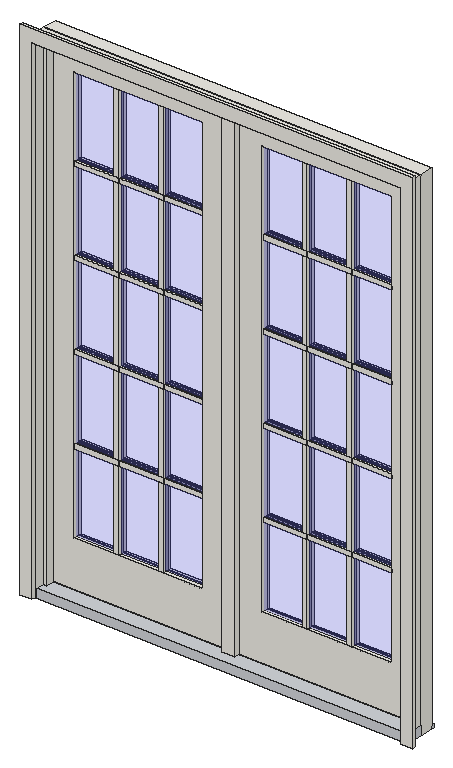
Revit family "Door-Outswing-Andersen-A_Series-Double 2", category Doors, host Wall, Revit 2013 (continued)
Dimensions and locks (in)
  aligned and locked: plane 64 "T Xjamb S1" to Extrusion 5 sketch curve
  aligned and locked: plane 62 "L Xjamb 1" to Extrusion 5 sketch curve
  aligned and locked: Masking region 11 sketch curve to plane 32 "R Int Casing"
  aligned and locked: host wall to Masking region 11 sketch curve
  aligned and locked: plane 63 "R Xjamb S1" to Masking region 11 sketch curve
  aligned and locked: plane 8 "Interior Casing" to Masking region 11 sketch curve
  aligned and locked: Masking region 12 sketch curve to plane 51 "Xjamb S1"
  aligned and locked: plane 63 "R Xjamb S1" to Masking region 12 sketch curve
  aligned and locked: Masking region 12 sketch curve to host wall
  aligned and locked: Masking region 12 sketch curve to plane 33 "R Xjamb 2"
  aligned and locked: host wall to Masking region 13 sketch curve
  aligned and locked: plane 35 "L Int Casing" to Masking region 13 sketch curve
  aligned and locked: plane 8 "Interior Casing" to Masking region 13 sketch curve
  aligned and locked: Masking region 13 sketch curve to plane 62 "L Xjamb 1"
  aligned and locked: Masking region 14 sketch curve to plane 51 "Xjamb S1"
  aligned and locked: plane 36 "L Xjamb 2" to Masking region 14 sketch curve
  aligned and locked: Masking region 14 sketch curve to host wall
  aligned and locked: Masking region 14 sketch curve to plane 62 "L Xjamb 1"
  aligned and locked: Masking region 15 sketch curve to plane 51 "Xjamb S1"
  aligned and locked: plane 39 "T Xjamb 2" to Masking region 15 sketch curve
  aligned and locked: Masking region 15 sketch curve to host wall
  aligned and locked: level to Masking region 15 sketch curve
  aligned and locked: host wall to Masking region 16 sketch curve
  aligned and locked: plane 38 "T Int Casing" to Masking region 16 sketch curve
  aligned and locked: plane 8 "Interior Casing" to Masking region 16 sketch curve
  aligned and locked: level to Masking region 16 sketch curve
  aligned and locked: plane 51 "Xjamb S1" to curve 18
  aligned and locked: plane 8 "Interior Casing" to curve 19
  aligned and locked: host wall to curve 19
  aligned and locked: plane 64 "T Xjamb S1" to curve 18
  aligned and locked: plane 64 "T Xjamb S1" to curve 19
  aligned and locked: plane 4 "L Frame" to Masking region 7 sketch curve
  aligned and locked: plane 5 "T Frame" to Masking region 7 sketch curve
  aligned and locked: Masking region 7 sketch curve to plane 3 "R Frame"
  aligned and locked: plane 2 "Center (Left/Right)" to Sweep 7 sketch curve
  aligned and locked: plane 61 "Vert Bar length" to Sweep 7 sketch curve
  aligned and locked: level to Sweep 7 sketch curve
  aligned and locked: plane 5 "T Frame" to curve 20
  aligned and locked: plane 10 "Flange" to curve 20
  aligned and locked: plane 3 "R Frame" to curve 30
  aligned and locked: curve 30 to plane 10 "Flange"
  aligned and locked: plane 4 "L Frame" to curve 38
  aligned and locked: plane 10 "Flange" to curve 38
  aligned and locked: Masking region 17 sketch curve to plane 52 "Frame S1"
  aligned and locked: Masking region 17 sketch curve to plane 3 "R Frame"
  aligned and locked: plane 9 "Frame S2" to Masking region 17 sketch curve
  aligned and locked: plane 4 "L Frame" to Masking region 17 sketch curve
  aligned and locked: plane 48 "LR Glazing" to curve 42
  aligned and locked: level to curve 46
  aligned and locked: level to curve 44
  aligned and locked: plane 4 "L Frame" to curve 44
  aligned and locked: plane 5 "T Frame" to curve 45
  aligned and locked: curve 46 to plane 3 "R Frame"
  aligned and locked: plane 46 "T Glazing" to Extrusion 10 sketch curve
  aligned and locked: Extrusion 10 sketch curve to plane 48 "LR Glazing"
  aligned and locked: plane 47 "LL Glazing" to Extrusion 10 sketch curve
  aligned and locked: Extrusion 10 sketch curve to plane 45 "B Glazing"
  aligned and locked: plane 41 "LL Panel" to Extrusion 10 sketch curve
  aligned and locked: plane 43 "T Panel" to Extrusion 10 sketch curve
  aligned and locked: Extrusion 10 sketch curve to plane 42 "LR Panel"
  aligned and locked: Extrusion 10 sketch curve to plane 44 "B Panel"
  aligned and locked: plane 49 "Panel1 S1" to Extrusion 10
  aligned and locked: Extrusion 10 to plane 57 "Glass1 S1"
  aligned and locked: plane 47 "LL Glazing" to Extrusion 11 sketch curve
  aligned and locked: plane 46 "T Glazing" to Extrusion 11 sketch curve
  aligned and locked: Extrusion 11 sketch curve to plane 48 "LR Glazing"
  aligned and locked: plane 41 "LL Panel" to Extrusion 11 sketch curve
  aligned and locked: plane 43 "T Panel" to Extrusion 11 sketch curve
  aligned and locked: Extrusion 11 sketch curve to plane 42 "LR Panel"
  aligned and locked: Extrusion 11 sketch curve to plane 44 "B Panel"
  aligned and locked: plane 57 "Glass1 S1" to Extrusion 11
  aligned and locked: Extrusion 11 to plane 50 "Panel1 S2"
  aligned and locked: plane 46 "T Glazing" to Extrusion 12 sketch curve
  aligned and locked: plane 47 "LL Glazing" to Extrusion 12 sketch curve
  aligned and locked: Extrusion 12 sketch curve to plane 48 "LR Glazing"
  aligned and locked: Extrusion 12 to plane 60 "Glass1 S4"
  aligned and locked: plane 57 "Glass1 S1" to Extrusion 12
  aligned and locked: plane 69 "B Ext Frame" to Extrusion 13 sketch curve
  aligned and locked: Extrusion 13 sketch curve to plane 71 "Sill S1"
  aligned and locked: level to Extrusion 13 sketch curve
  aligned and locked: Extrusion 13 to plane 4 "L Frame"
  aligned and locked: plane 3 "R Frame" to Extrusion 13
  aligned and locked: Extrusion 14 sketch curve to level
  aligned and locked: Extrusion 14 sketch curve to plane 9 "Frame S2"
  aligned and locked: Extrusion 14 sketch curve to plane 56 "Sill Height"
  aligned and locked: Extrusion 14 to plane 4 "L Frame"
  aligned and locked: plane 3 "R Frame" to Extrusion 14
  aligned and locked: Sweep 7 sketch curve to plane 52 "Frame S1"
  aligned and locked: plane 4 "L Frame" to Sweep 7 sketch curve
  aligned and locked: plane 52 "Frame S1" to Sweep 7 sketch curve
  aligned and locked: plane 3 "R Frame" to Sweep 7 sketch curve
  aligned and locked: curve 54 to plane 50 "Panel1 S2"
  aligned and locked: curve 53 to plane 49 "Panel1 S1"
  aligned and locked: plane 52 "Frame S1" to curve 55
  aligned and locked: plane 9 "Frame S2" to curve 55
  aligned and locked: plane 11 "Casing S2" to curve 2
  aligned and locked: plane 12 "Casing S1" to curve 4
  aligned and locked: plane 49 "Panel1 S1" to curve 56
  aligned and locked: plane 50 "Panel1 S2" to curve 57
  aligned and locked: plane 71 "Sill S1" to Masking region 2 sketch curve
  aligned and locked: Masking region 2 sketch curve to plane 69 "B Ext Frame"
  aligned and locked: plane 63 "R Xjamb S1" to Masking region 8 sketch curve
  aligned and locked: Masking region 8 sketch curve to plane 64 "T Xjamb S1"
  aligned and locked: Masking region 8 sketch curve to plane 62 "L Xjamb 1"
  aligned and locked: nested 2 to plane 46 "T Glazing"
  aligned and locked: nested 5 to plane 47 "LL Glazing"
  aligned and locked: nested 6 to plane 47 "LL Glazing"
  aligned and locked: nested 3 to plane 47 "LL Glazing"
  aligned and locked: nested 4 to plane 47 "LL Glazing"
  aligned and locked: plane 74 "L Ext Frame 2" to Sweep 7 sketch curve
  aligned and locked: plane 45 "B Glazing" to Extrusion 11 sketch curve
  aligned and locked: nested 7 to plane 46 "T Glazing"
  aligned and locked: plane 56 "Sill Height" to curve 57
  aligned and locked: Extrusion 12 sketch curve to plane 45 "B Glazing"
  aligned and locked: Sweep 8 sketch curve to plane 4 "L Frame"
  aligned and locked: plane 52 "Frame S1" to Sweep 8 sketch curve
  aligned and locked: plane 74 "L Ext Frame 2" to Sweep 8 sketch curve
  aligned and locked: Sweep 9 sketch curve to plane 9 "Frame S2"
  aligned and locked: Sweep 9 sketch curve to plane 4 "L Frame"
  aligned and locked: plane 66 "L Int Frame" to Sweep 9 sketch curve
  aligned and locked: level to curve 64
  aligned and locked: curve 64 to plane 9 "Frame S2"
  aligned and locked: plane 59 "Glass1 S2" to Sweep 8 sketch curve
  aligned and locked: plane 37 "L Ext Frame" to Sweep 8 sketch curve
  aligned and locked: Sweep 8 sketch curve to plane 50 "Panel1 S2"
  aligned and locked: plane 59 "Glass1 S2" to Sweep 7 sketch curve
  aligned and locked: plane 37 "L Ext Frame" to Sweep 7 sketch curve
  aligned and locked: plane 50 "Panel1 S2" to Sweep 7 sketch curve
  aligned and locked: Sweep 7 sketch curve to plane 59 "Glass1 S2"
  aligned and locked: plane 72 "R Ext Frame 2" to Sweep 7 sketch curve
  aligned and locked: Sweep 7 sketch curve to plane 50 "Panel1 S2"
  aligned and locked: plane 50 "Panel1 S2" to Sweep 9 sketch curve
  aligned and locked: Sweep 9 sketch curve to plane 53 "L Stop"
  aligned and locked: plane 73 "Stop S1" to Sweep 9 sketch curve
  aligned and locked: plane 40 "T Ext Frame" to curve 56
  aligned and locked: plane 75 "T Ext Frame 2" to curve 57
  aligned and locked: plane 50 "Panel1 S2" to Extrusion 13 sketch curve
  aligned and locked: plane 56 "Sill Height" to Extrusion 13 sketch curve
  aligned and locked: Extrusion 13 sketch curve to plane 59 "Glass1 S2"
  aligned and locked: plane 50 "Panel1 S2" to Extrusion 14 sketch curve
  aligned and locked: plane 41 "LL Panel" to curve 55
  aligned and locked: plane 41 "LL Panel" to curve 53
  aligned and locked: curve 172 to plane 50 "Panel1 S2"
  aligned and locked: plane 9 "Frame S2" to curve 173
  aligned and locked: curve 173 to plane 65 "R Int Frame"
  aligned and locked: curve 174 to plane 73 "Stop S1"
  aligned and locked: curve 175 to plane 54 "R Stop"
  aligned and locked: plane 9 "Frame S2" to curve 180
  aligned and locked: plane 66 "L Int Frame" to curve 180
  aligned and locked: curve 179 to plane 73 "Stop S1"
  aligned and locked: plane 53 "L Stop" to curve 178
  aligned and locked: plane 50 "Panel1 S2" to curve 177
  aligned and locked: plane 52 "Frame S1" to curve 176
  aligned and locked: plane 41 "LL Panel" to curve 176
  aligned and locked: plane 66 "L Int Frame" to curve 54
  aligned and locked: plane 56 "Sill Height" to Masking region 9 sketch curve
  aligned and locked: plane 54 "R Stop" to Masking region 9 sketch curve
  aligned and locked: Masking region 9 sketch curve to plane 53 "L Stop"
  aligned and locked: Masking region 9 sketch curve to plane 55 "T Stop"
  aligned and locked: plane 68 "T Int Frame" to curve 184
  aligned and locked: curve 185 to plane 65 "R Int Frame"
  aligned and locked: plane 66 "L Int Frame" to curve 186
  aligned and locked: level to curve 185
  aligned and locked: level to curve 186
  aligned and locked: plane 12 "Casing S1" to Extrusion 4
  aligned and locked: plane 41 "LL Panel" to curve 191
  aligned and locked: plane 76 to curve 191
  aligned and locked: plane 42 "LR Panel" to curve 191
  aligned and locked: plane 64 "T Xjamb S1" to curve 191
  aligned and locked: plane 49 "Panel1 S1" to curve 193
  aligned and locked: curve 193 to plane 62 "L Xjamb 1"
  aligned and locked: plane 50 "Panel1 S2" to curve 201
  aligned and locked: plane 48 "LR Glazing" to curve 204
  aligned and locked: plane 50 "Panel1 S2" to curve 221
  aligned and locked: plane 78 "RL Glazing" to curve 224
  aligned and locked: plane 42 "LR Panel" to curve 54
  aligned and locked: plane 52 "Frame S1" to curve 226
  aligned and locked: curve 227 to plane 50 "Panel1 S2"
  aligned and locked: plane 80 "RR Panel" to curve 226
  aligned and locked: plane 54 "R Stop" to curve 227
  aligned and locked: plane 65 "R Int Frame" to curve 229
  aligned and locked: plane 80 "RR Panel" to curve 228
  aligned and locked: plane 77 "RL Panel" to curve 228
  aligned and locked: plane 77 "RL Panel" to curve 229
  aligned and locked: plane 79 "RR Glazing" to curve 231
  aligned and locked: plane 78 "RL Glazing" to curve 230
  aligned and locked: plane 79 "RR Glazing" to curve 235
  aligned and locked: plane 78 "RL Glazing" to curve 235
  aligned and locked: plane 60 "Glass1 S4" to curve 235
  aligned and locked: plane 58 "Glass1 S3" to curve 233
  aligned and locked: plane 59 "Glass1 S2" to curve 232
  aligned and locked: plane 57 "Glass1 S1" to curve 234
  aligned and locked: plane 9 "Frame S2" to curve 236
  aligned and locked: plane 52 "Frame S1" to curve 236
  aligned and locked: plane 80 "RR Panel" to curve 236
  aligned and locked: plane 77 "RL Panel" to curve 245
  aligned and locked: plane 49 "Panel1 S1" to curve 243
  aligned and locked: plane 49 "Panel1 S1" to curve 255
  aligned and locked: curve 255 to plane 80 "RR Panel"
  aligned and locked: nested 1 to plane 46 "T Glazing"
  aligned and locked: plane 43 "T Panel" to Extrusion 15 sketch curve
  aligned and locked: Extrusion 15 sketch curve to plane 80 "RR Panel"
  aligned and locked: plane 77 "RL Panel" to Extrusion 15 sketch curve
  aligned and locked: Extrusion 15 sketch curve to plane 44 "B Panel"
  aligned and locked: Extrusion 15 sketch curve to plane 79 "RR Glazing"
  aligned and locked: plane 78 "RL Glazing" to Extrusion 15 sketch curve
  aligned and locked: plane 46 "T Glazing" to Extrusion 15 sketch curve
  aligned and locked: Extrusion 15 to plane 50 "Panel1 S2"
  aligned and locked: plane 57 "Glass1 S1" to Extrusion 15
  aligned and locked: plane 43 "T Panel" to Extrusion 16 sketch curve
  aligned and locked: Extrusion 16 sketch curve to plane 80 "RR Panel"
  aligned and locked: plane 77 "RL Panel" to Extrusion 16 sketch curve
  aligned and locked: Extrusion 16 sketch curve to plane 44 "B Panel"
  aligned and locked: Extrusion 16 sketch curve to plane 79 "RR Glazing"
  aligned and locked: plane 78 "RL Glazing" to Extrusion 16 sketch curve
  aligned and locked: plane 46 "T Glazing" to Extrusion 16 sketch curve
  aligned and locked: Extrusion 16 to plane 57 "Glass1 S1"
  aligned and locked: plane 49 "Panel1 S1" to Extrusion 16
  aligned and locked: plane 46 "T Glazing" to Extrusion 17 sketch curve
  aligned and locked: Extrusion 17 sketch curve to plane 79 "RR Glazing"
  aligned and locked: plane 78 "RL Glazing" to Extrusion 17 sketch curve
  aligned and locked: plane 57 "Glass1 S1" to Extrusion 17
  aligned and locked: Extrusion 17 to plane 60 "Glass1 S4"
  aligned and locked: nested 8 to plane 46 "T Glazing"
  aligned and locked: nested 9 to plane 46 "T Glazing"
  aligned and locked: nested 10 to plane 46 "T Glazing"
  aligned and locked: nested 13 to plane 78 "RL Glazing"
  aligned and locked: nested 12 to plane 78 "RL Glazing"
  aligned and locked: nested 11 to plane 78 "RL Glazing"
  aligned and locked: nested 14 to plane 78 "RL Glazing"
  aligned and locked: Extrusion 18 sketch curve to plane 52 "Frame S1"
  aligned and locked: Extrusion 18 sketch curve to plane 2 "Center (Left/Right)"
  aligned and locked: plane 49 "Panel1 S1" to Extrusion 18 sketch curve
  aligned and locked: Extrusion 18 sketch curve to curve 243
  aligned and locked: Extrusion 19 sketch curve to plane 52 "Frame S1"
  aligned and locked: plane 2 "Center (Left/Right)" to Extrusion 19 sketch curve
  aligned and locked: plane 49 "Panel1 S1" to Extrusion 19 sketch curve
  aligned and locked: Extrusion 19 sketch curve to curve 244
  aligned and locked: Extrusion 20 sketch curve to curve 248
  aligned and locked: Extrusion 20 sketch curve to curve 249
  aligned and locked: curve 247 to Extrusion 20 sketch curve
  aligned and locked: Extrusion 20 sketch curve to plane 50 "Panel1 S2"
  aligned and locked: Extrusion 20 to plane 55 "T Stop"
  aligned and locked: plane 56 "Sill Height" to Extrusion 20
  aligned and locked: Extrusion 19 to plane 43 "T Panel"
  aligned and locked: Extrusion 18 to plane 43 "T Panel"
  aligned and locked: plane 44 "B Panel" to Extrusion 19
  aligned and locked: plane 44 "B Panel" to Extrusion 18
  aligned and locked: plane 46 "T Glazing" to curve 257
  aligned and locked: plane 78 "RL Glazing" to curve 258
  aligned and locked: curve 260 to plane 79 "RR Glazing"
  aligned and locked: Masking region 10 sketch curve to plane 80 "RR Panel"
  aligned and locked: plane 43 "T Panel" to curve 261
  aligned and locked: plane 43 "T Panel" to curve 262
  aligned and locked: plane 43 "T Panel" to curve 263
  aligned and locked: plane 44 "B Panel" to curve 261
  aligned and locked: plane 44 "B Panel" to curve 262
  aligned and locked: plane 44 "B Panel" to curve 263
  aligned and locked: curve 261 to Extrusion 19
  aligned and locked: plane 2 "Center (Left/Right)" to curve 262
  aligned and locked: curve 263 to Extrusion 18
  aligned and locked: plane 42 "LR Panel" to curve 192
  aligned and locked: plane 44 "B Panel" to curve 192
  aligned and locked: plane 43 "T Panel" to curve 264
  aligned and locked: plane 77 "RL Panel" to curve 264
  aligned and locked: plane 77 "RL Panel" to curve 265
  aligned and locked: plane 44 "B Panel" to curve 265
  aligned and locked: plane 80 "RR Panel" to curve 265
  aligned and locked: plane 76 to curve 264
  aligned and locked: plane 42 "LR Panel" to curve 53
  aligned and locked: Extrusion 16 sketch curve to plane 45 "B Glazing"
  aligned and locked: Extrusion 17 sketch curve to plane 45 "B Glazing"
  aligned and locked: curve 259 to plane 45 "B Glazing"
Automatic sketch dimensions
  curve 65 to curve 66 = 0' - 1.704"
  curve 66 to curve 76 = 0' - 1.2305"
  curve 75 to curve 75 = 0' - 0.08"
  curve 66 to curve 166 = 0' - 1.95109"
  curve 74 to curve 73 = 0' - 0.76609"
  curve 71 to curve 70 = 0' - 0.08875"
  curve 67 to curve 68 = 0' - 1.79991"
  curve 167 to curve 65 = 0' - 0 3/4"
  curve 76 to curve 75 = 0' - 0.4605"
  curve 73 to curve 76 = 0' - 0"
  curve 74 to curve 61 = 0' - 0.1245"
  curve 63 to curve 71 = 0' - 0.1255"
  curve 70 to curve 70 = 0' - 0.32416"
  curve 67 to curve 166 = 0' - 0.09433"
  curve 67 to curve 167 = 0' - 0.29893"
  curve 65 to curve 69 = 0' - 0.5465"
  curve 69 to curve 73 = 0' - 8 1/16"
  curve 72 to curve 72 = 0' - 0 3/4"
  curve 74 to curve 75 = 0' - 0 3/4"
  curve 68 to curve 67 = 0' - 0.74774"
  curve 64 to curve 65 = 0' - 1.141"
  curve 64 to curve 65 = 0' - 0 1/4"
  curve 73 to curve 76 = 0' - 0.35858"
  curve 61 to curve 71 = 0' - 0 1/8"
  curve 70 to curve 70 = 0' - 0.11008"
  curve 61 to curve 63 = 0' - 0 1/8"
  curve 74 to curve 62 = 0' - 0"
  curve 81 to curve 82 = 0' - 1.704"
  curve 82 to curve 92 = 0' - 1.2305"
  curve 91 to curve 91 = 0' - 0.08"
  curve 82 to curve 168 = 0' - 1.95109"
  curve 90 to curve 89 = 0' - 0.76609"
  curve 87 to curve 86 = 0' - 0.08875"
  curve 83 to curve 84 = 0' - 1.79991"
  curve 169 to curve 81 = 0' - 0 3/4"
  curve 92 to curve 91 = 0' - 0.4605"
  curve 89 to curve 92 = 0' - 0"
  curve 90 to curve 77 = 0' - 0.1245"
  curve 79 to curve 87 = 0' - 0.1255"
  curve 86 to curve 86 = 0' - 0.32416"
  curve 83 to curve 168 = 0' - 0.09433"
  curve 83 to curve 169 = 0' - 0.29893"
  curve 81 to curve 85 = 0' - 0.5465"
  curve 85 to curve 89 = 0' - 8 1/16"
  curve 88 to curve 88 = 0' - 0 3/4"
  curve 90 to curve 91 = 0' - 0 3/4"
  curve 84 to curve 83 = 0' - 0.74774"
  curve 80 to curve 81 = 0' - 1.141"
  curve 80 to curve 81 = 0' - 0 1/4"
  curve 89 to curve 92 = 0' - 0.35858"
  curve 77 to curve 87 = 0' - 0 1/8"
  curve 86 to curve 86 = 0' - 0.11008"
  curve 77 to curve 79 = 0' - 0 1/8"
  curve 90 to curve 78 = 0' - 0"
  Sweep 7 sketch curve to Sweep 7 sketch curve = 0' - 0.856"
  curve 144 to curve 146 = 0' - 0.08875"
  curve 145 to curve 150 = 0' - 0.76609"
  curve 148 to curve 148 = 0' - 0.08"
  curve 150 to curve 151 = 0' - 1.55742"
  curve 142 to curve 141 = 0' - 0.53458"
  curve 144 to curve 144 = 0' - 0.32416"
  curve 145 to curve 140 = 0' - 0 1/8"
  curve 170 to curve 142 = 0' - 2.19851"
  curve 139 to curve 150 = 0' - 0 1/8"
  curve 170 to curve 170 = 0' - 1.18109"
  curve 148 to curve 149 = 0' - 0.46"
  curve 170 to curve 142 = 0' - 0"
  curve 147 to curve 149 = 0' - 0"
  curve 141 to curve 141 = 0' - 1.672"
  curve 145 to curve 148 = 0' - 0"
  curve 145 to curve 147 = 0' - 0 3/4"
  curve 147 to curve 151 = 0' - 3.18"
  curve 142 to curve 151 = 0' - 0.361"
  curve 143 to curve 143 = 0' - 0.318"
  curve 145 to curve 140 = 0' - 0"
  curve 139 to curve 148 = 0' - 0"
  curve 144 to curve 144 = 0' - 0.11008"
  curve 140 to curve 138 = 0' - 0 1/8"
  curve 149 to curve 147 = 0' - 0.359"
  curve 142 to curve 170 = 0' - 0.273"
  curve 158 to curve 160 = 0' - 0.08875"
  curve 159 to curve 164 = 0' - 0.76609"
  curve 162 to curve 162 = 0' - 0.08"
  curve 164 to curve 165 = 0' - 1.55742"
  curve 156 to curve 155 = 0' - 0.53458"
  curve 158 to curve 158 = 0' - 0.32416"
  curve 159 to curve 154 = 0' - 0 1/8"
  curve 171 to curve 156 = 0' - 2.19851"
  curve 153 to curve 164 = 0' - 0 1/8"
  curve 171 to curve 171 = 0' - 1.18109"
  curve 162 to curve 163 = 0' - 0.46"
  curve 171 to curve 156 = 0' - 0"
  curve 161 to curve 163 = 0' - 0"
  curve 155 to curve 155 = 0' - 1.672"
  curve 159 to curve 162 = 0' - 0"
  curve 159 to curve 161 = 0' - 0 3/4"
  curve 161 to curve 165 = 0' - 3.18"
  curve 156 to curve 165 = 0' - 0.361"
  curve 157 to curve 157 = 0' - 0.318"
  curve 159 to curve 154 = 0' - 0"
  curve 153 to curve 162 = 0' - 0"
  curve 158 to curve 158 = 0' - 0.11008"
  curve 154 to curve 152 = 0' - 0 1/8"
  curve 163 to curve 161 = 0' - 0.359"
  curve 156 to curve 171 = 0' - 0.273"
  curve 100 to curve 102 = 0' - 0"
  curve 99 to curve 100 = 0' - 0.7655"
  curve 101 to curve 106 = 0' - 3.1645"
  curve 96 to curve 58 = 0' - 0.273"
  curve 96 to curve 107 = 0' - 0.361"
  curve 58 to curve 33 = 0' - 0.856"
  curve 32 to curve 31 = 0' - 0.082"
  curve 94 to curve 99 = 0' - 0"
  curve 93 to curve 102 = 0' - 0"
  curve 94 to curve 95 = 0' - 0 1/8"
  curve 98 to curve 98 = 0' - 0.12558"
  curve 103 to curve 101 = 0' - 0.359"
  curve 106 to curve 107 = 0' - 0.318"
  curve 181 to curve 33 = 0' - 0.184"
  curve 33 to curve 30 = 0' - 0.566"
  curve 30 to curve 30 = 0' - 1.55"
  curve 32 to curve 99 = 0' - 1.15281"
  curve 98 to curve 100 = 0' - 0.04311"
  curve 32 to curve 33 = 0' - 1.32091"
  curve 99 to curve 102 = 0' - 0.76609"
  curve 102 to curve 104 = 0' - 0.06176"
  curve 58 to curve 106 = 0' - 2.19851"
  curve 96 to curve 106 = 0' - 0.53458"
  curve 31 to curve 31 = 0' - 0.14849"
  curve 98 to curve 98 = 0' - 0.3698"
  curve 181 to curve 181 = 0' - 0.53791"
  curve 30 to curve 33 = 0' - 0.15741"
  curve 99 to curve 94 = 0' - 0 1/8"
  curve 95 to curve 102 = 0' - 0 1/8"
  curve 103 to curve 103 = 0' - 0.47824"
  curve 105 to curve 96 = 0' - 1.01742"
  curve 105 to curve 96 = 0' - 0"
  curve 101 to curve 103 = 0' - 0"
  curve 97 to curve 105 = 0' - 0"
  curve 107 to curve 97 = 0' - 1.672"
  curve 115 to curve 117 = 0' - 0"
  curve 114 to curve 115 = 0' - 0.7655"
  curve 116 to curve 121 = 0' - 3.1645"
  curve 111 to curve 59 = 0' - 0.273"
  curve 111 to curve 122 = 0' - 0.361"
  curve 59 to curve 37 = 0' - 0.856"
  curve 36 to curve 35 = 0' - 0.082"
  curve 109 to curve 114 = 0' - 0"
  curve 108 to curve 117 = 0' - 0"
  curve 109 to curve 110 = 0' - 0 1/8"
  curve 113 to curve 113 = 0' - 0.12558"
  curve 118 to curve 116 = 0' - 0.359"
  curve 121 to curve 122 = 0' - 0.318"
  curve 182 to curve 37 = 0' - 0.184"
  curve 37 to curve 34 = 0' - 0.566"
  curve 34 to curve 34 = 0' - 1.55"
  curve 114 to curve 36 = 0' - 1.15281"
  curve 115 to curve 113 = 0' - 0.04311"
  curve 37 to curve 36 = 0' - 1.32091"
  curve 117 to curve 114 = 0' - 0.76609"
  curve 119 to curve 117 = 0' - 0.06176"
  curve 121 to curve 59 = 0' - 2.19851"
  curve 121 to curve 111 = 0' - 0.53458"
  curve 35 to curve 35 = 0' - 0.14849"
  curve 113 to curve 113 = 0' - 0.3698"
  curve 182 to curve 182 = 0' - 0.53791"
  curve 37 to curve 34 = 0' - 0.15741"
  curve 109 to curve 114 = 0' - 0 1/8"
  curve 117 to curve 110 = 0' - 0 1/8"
  curve 118 to curve 118 = 0' - 0.47824"
  curve 111 to curve 120 = 0' - 1.01742"
  curve 120 to curve 111 = 0' - 0"
  curve 116 to curve 118 = 0' - 0"
  curve 112 to curve 120 = 0' - 0"
  curve 112 to curve 122 = 0' - 1.672"
  curve 130 to curve 132 = 0' - 0"
  curve 129 to curve 130 = 0' - 0.7655"
  curve 131 to curve 136 = 0' - 3.1645"
  curve 126 to curve 60 = 0' - 0.273"
  curve 126 to curve 137 = 0' - 0.361"
  curve 60 to curve 41 = 0' - 0.856"
  curve 40 to curve 39 = 0' - 0.082"
  curve 124 to curve 129 = 0' - 0"
  curve 123 to curve 132 = 0' - 0"
  curve 124 to curve 125 = 0' - 0 1/8"
  curve 128 to curve 128 = 0' - 0.12558"
  curve 133 to curve 131 = 0' - 0.359"
  curve 136 to curve 137 = 0' - 0.318"
  curve 183 to curve 41 = 0' - 0.184"
  curve 41 to curve 38 = 0' - 0.566"
  curve 38 to curve 38 = 0' - 1.55"
  curve 129 to curve 40 = 0' - 1.15281"
  curve 130 to curve 128 = 0' - 0.04311"
  curve 41 to curve 40 = 0' - 1.32091"
  curve 132 to curve 129 = 0' - 0.76609"
  curve 134 to curve 132 = 0' - 0.06176"
  curve 136 to curve 60 = 0' - 2.19851"
  curve 136 to curve 126 = 0' - 0.53458"
  curve 39 to curve 39 = 0' - 0.14849"
  curve 128 to curve 128 = 0' - 0.3698"
  curve 183 to curve 183 = 0' - 0.53791"
  curve 41 to curve 38 = 0' - 0.15741"
  curve 124 to curve 129 = 0' - 0 1/8"
  curve 132 to curve 125 = 0' - 0 1/8"
  curve 133 to curve 133 = 0' - 0.47824"
  curve 126 to curve 135 = 0' - 1.01742"
  curve 135 to curve 126 = 0' - 0"
  curve 131 to curve 133 = 0' - 0"
  curve 127 to curve 135 = 0' - 0"
  curve 127 to curve 137 = 0' - 1.672"
  curve 23 to curve 22 = 0' - 1.32091"
  curve 187 to curve 23 = 0' - 2.73309"
  curve 187 to curve 188 = 0' - 1.552"
  curve 23 to curve 20 = 0' - 0.15741"
  curve 21 to curve 21 = 0' - 0.14849"
  curve 22 to curve 22 = 0' - 0.082"
  curve 24 to curve 23 = 0' - 0.856"
  curve 188 to curve 24 = 0' - 0.273"
  curve 188 to curve 188 = 0' - 0.679"
  curve 23 to curve 20 = 0' - 0.566"
  curve 20 to curve 20 = 0' - 1 5/8"
  curve 28 to curve 27 = 0' - 1.32091"
  curve 189 to curve 28 = 0' - 2.73309"
  curve 189 to curve 190 = 0' - 1.552"
  curve 28 to curve 25 = 0' - 0.15741"
  curve 26 to curve 26 = 0' - 0.14849"
  curve 27 to curve 27 = 0' - 0.082"
  curve 29 to curve 28 = 0' - 0.856"
  curve 190 to curve 29 = 0' - 0.273"
  curve 190 to curve 190 = 0' - 0.679"
  curve 28 to curve 25 = 0' - 0.566"
  curve 25 to curve 25 = 0' - 1 5/8"
  curve 248 to curve 249 = 0' - 2 1/2"
  curve 243 to curve 248 = 0' - 0 3/4"
  curve 243 to curve 245 = 0' - 1 1/4"
  curve 245 to curve 251 = 0' - 0 3/4"
  curve 251 to curve 246 = 0' - 0 3/4"
  curve 246 to curve 244 = 0' - 1 1/4"
  curve 244 to curve 247 = 0' - 3.583"
  curve 251 to curve 244 = 0' - 0"
  curve 243 to curve 251 = 0' - 0"
  curve 251 to curve 245 = 0' - 0.932"
  curve 252 to curve 246 = 0' - 0"
  curve 243 to curve 243 = 0' - 0.932"
  curve 244 to curve 244 = 0' - 0.932"
  curve 248 to curve 248 = 0' - 0.932"
  curve 247 to curve 247 = 0' - 0.932"
  curve 246 to curve 247 = 0' - 0"
  curve 248 to curve 245 = 0' - 0"
  curve 242 to curve 250 = 0' - 2 1/2"
  curve 237 to curve 242 = 0' - 0 3/4"
  curve 237 to curve 239 = 0' - 1 1/4"
  curve 239 to curve 253 = 0' - 0 3/4"
  curve 253 to curve 240 = 0' - 0 3/4"
  curve 240 to curve 238 = 0' - 1 1/4"
  curve 238 to curve 241 = 0' - 3.583"
  curve 253 to curve 238 = 0' - 0"
  curve 237 to curve 253 = 0' - 0"
  curve 253 to curve 239 = 0' - 0.932"
  curve 254 to curve 240 = 0' - 0"
  curve 237 to curve 237 = 0' - 0.932"
  curve 238 to curve 238 = 0' - 0.932"
  curve 242 to curve 242 = 0' - 0.932"
  curve 241 to curve 241 = 0' - 0.932"
  curve 240 to curve 241 = 0' - 0"
  curve 242 to curve 239 = 0' - 0"
  curve 4 to plane 52 "Frame S1" = 0' - 0"
  curve 3 to plane 52 "Frame S1" = 0' - 0"
  curve 56 to plane 69 "B Ext Frame" = 0' - 0.06588"
  plane 26 "T Rough Opening" to curve 5 = 0' - 0.15975"
  Masking region 1 sketch curve to plane 52 "Frame S1" = 0' - 0"
  Masking region 2 sketch curve to plane 52 "Frame S1" = 0' - 0"
  Masking region 3 sketch curve to plane 52 "Frame S1" = 0' - 0"
  Masking region 4 sketch curve to plane 52 "Frame S1" = 0' - 0"
  Extrusion 15 sketch curve to plane 45 "B Glazing" = 0' - 0"
  curve 229 to plane 50 "Panel1 S2" = 0' - 0"
  curve 175 to curve 225 = 0' - 0.821"
Nested families (in)
  nested 1: "Andersen Grille Bar" at (18, 0.53009, 50.4375) x (-1, 0, 0) z (0, 1, 0), Bar Width <- "Grille Bar Size", Bar Length <- "TS V Bar Length", visible <- "TS S V", type "Andersen Grille Bar"
    with Glass / 2 0' - 0 7/32", Glass 0' - 0 13/16", Center Line Length 6' - 7 7/8", Center Line 2, Bar Width 0' - 0 7/8", Bar Length 6' - 7 7/8"
  nested 2: "Andersen Grille Bar" at (22.27083, 0.53009, 50.4375) x (-1, 0, 0) z (0, 1, 0), Bar Width <- "Grille Bar Size", Bar Length <- "TS V Bar Length", visible <- "TS M V", type "Andersen Grille Bar"
    with Glass / 2 0' - 0 7/32", Glass 0' - 0 13/16", Center Line Length 6' - 7 7/8", Center Line 2, Bar Width 0' - 0 7/8", Bar Length 6' - 7 7/8"
  nested 3: "Andersen Grille Bar" at (18, 0.53009, 50.4375) x (0, 0, 1) z (0, 1, 0), Bar Width <- "Grille Bar Size", visible <- "TS S H Craftsman", Bar Length <- "H DLO", type "Andersen Grille Bar"
    with Glass / 2 0' - 0 1/8", Glass 0' - 0 5/8", Center Line Length 2' - 0 3/4", Center Line 2, Bar Width 0' - 0 7/8", Bar Length 2' - 0 3/4"
  nested 4: "Andersen Grille Bar" at (18, 0.53009, 50.4375) x (0, 0, 1) z (0, 1, 0), Bar Width <- "Grille Bar Size", visible <- "TS S H", Bar Length <- "H DLO", type "Andersen Grille Bar"
    with Glass / 2 0' - 0 7/32", Glass 0' - 0 13/16", Center Line Length 2' - 0 3/4", Center Line 2, Bar Width 0' - 0 7/8", Bar Length 2' - 0 3/4"
  nested 5: "Andersen Grille Bar" at (18, 0.53009, 74.6625) x (0, 0, 1) z (0, 1, 0), Bar Width <- "Grille Bar Size", visible <- "TS M H", Bar Length <- "H DLO", type "Andersen Grille Bar"
    with Glass / 2 0' - 0 7/32", Glass 0' - 0 13/16", Center Line Length 2' - 0 3/4", Center Line 2, Bar Width 0' - 0 7/8", Bar Length 2' - 0 3/4"
  nested 6: "Andersen Grille Bar" at (18, 0.53009, 26.2125) x (0, 0, 1) z (0, 1, 0), Bar Width <- "Grille Bar Size", visible <- "TS M H", Bar Length <- "H DLO", type "Andersen Grille Bar"
    with Glass / 2 0' - 0 7/32", Glass 0' - 0 13/16", Center Line Length 2' - 0 3/4", Center Line 2, Bar Width 0' - 0 7/8", Bar Length 2' - 0 3/4"
  nested 7: "Andersen Grille Bar" at (13.72917, 0.53009, 50.4375) x (-1, 0, 0) z (0, 1, 0), Bar Width <- "Grille Bar Size", Bar Length <- "TS V Bar Length", visible <- "TS M V", type "Andersen Grille Bar"
    with Glass / 2 0' - 0 7/32", Glass 0' - 0 13/16", Center Line Length 6' - 7 7/8", Center Line 2, Bar Width 0' - 0 7/8", Bar Length 6' - 7 7/8"
  nested 8: "Andersen Grille Bar" at (-13.72917, 0.53009, 50.4375) x (-1, 0, 0) z (0, 1, 0), Bar Width <- "Grille Bar Size", Bar Length <- "TS V Bar Length", visible <- "TS M V", type "Andersen Grille Bar"
    with Glass / 2 0' - 0 7/32", Glass 0' - 0 13/16", Center Line Length 6' - 7 7/8", Center Line 2, Bar Width 0' - 0 7/8", Bar Length 6' - 7 7/8"
  nested 9: "Andersen Grille Bar" at (-18, 0.53009, 50.4375) x (-1, 0, 0) z (0, 1, 0), Bar Width <- "Grille Bar Size", Bar Length <- "TS V Bar Length", visible <- "TS S V", type "Andersen Grille Bar"
    with Glass / 2 0' - 0 7/32", Glass 0' - 0 13/16", Center Line Length 6' - 7 7/8", Center Line 2, Bar Width 0' - 0 7/8", Bar Length 6' - 7 7/8"
  nested 10: "Andersen Grille Bar" at (-22.27083, 0.53009, 50.4375) x (-1, 0, 0) z (0, 1, 0), Bar Width <- "Grille Bar Size", Bar Length <- "TS V Bar Length", visible <- "TS M V", type "Andersen Grille Bar"
    with Glass / 2 0' - 0 7/32", Glass 0' - 0 13/16", Center Line Length 6' - 7 7/8", Center Line 2, Bar Width 0' - 0 7/8", Bar Length 6' - 7 7/8"
  nested 11: "Andersen Grille Bar" at (-18, 0.53009, 50.4375) x (0, 0, 1) z (0, 1, 0), Bar Width <- "Grille Bar Size", visible <- "TS S H Craftsman", Bar Length <- "H DLO", type "Andersen Grille Bar"
    with Glass / 2 0' - 0 7/32", Glass 0' - 0 13/16", Center Line Length 2' - 0 3/4", Center Line 2, Bar Width 0' - 0 7/8", Bar Length 2' - 0 3/4"
  nested 12: "Andersen Grille Bar" at (-18, 0.53009, 50.4375) x (0, 0, 1) z (0, 1, 0), Bar Width <- "Grille Bar Size", visible <- "TS S H", Bar Length <- "H DLO", type "Andersen Grille Bar"
    with Glass / 2 0' - 0 7/32", Glass 0' - 0 13/16", Center Line Length 2' - 0 3/4", Center Line 2, Bar Width 0' - 0 7/8", Bar Length 2' - 0 3/4"
  nested 13: "Andersen Grille Bar" at (-18, 0.53009, 74.6625) x (0, 0, 1) z (0, 1, 0), Bar Width <- "Grille Bar Size", visible <- "TS M H", Bar Length <- "H DLO", type "Andersen Grille Bar"
    with Glass / 2 0' - 0 7/32", Glass 0' - 0 13/16", Center Line Length 2' - 0 3/4", Center Line 2, Bar Width 0' - 0 7/8", Bar Length 2' - 0 3/4"
  nested 14: "Andersen Grille Bar" at (-18, 0.53009, 26.2125) x (0, 0, 1) z (0, 1, 0), Bar Width <- "Grille Bar Size", visible <- "TS M H", Bar Length <- "H DLO", type "Andersen Grille Bar"
    with Glass / 2 0' - 0 7/32", Glass 0' - 0 13/16", Center Line Length 2' - 0 3/4", Center Line 2, Bar Width 0' - 0 7/8", Bar Length 2' - 0 3/4"
  nested 15: "Andersen Grille Bar" at (18, 0.53009, 58.5125) x (0, 0, 1) z (0, 1, 0), Bar Width <- "Grille Bar Size", visible <- "TS M H", Bar Length <- "H DLO", type "Andersen Grille Bar"
    with Glass / 2 0' - 0 7/32", Glass 0' - 0 13/16", Center Line Length 2' - 0 3/4", Center Line 2, Bar Width 0' - 0 7/8", Bar Length 2' - 0 3/4"
  nested 16: "Andersen Grille Bar" at (18, 0.53009, 42.3625) x (0, 0, 1) z (0, 1, 0), Bar Width <- "Grille Bar Size", visible <- "TS M H", Bar Length <- "H DLO", type "Andersen Grille Bar"
    with Glass / 2 0' - 0 7/32", Glass 0' - 0 13/16", Center Line Length 2' - 0 3/4", Center Line 2, Bar Width 0' - 0 7/8", Bar Length 2' - 0 3/4"
  nested 17: "Andersen Grille Bar" at (-18, 0.53009, 58.5125) x (0, 0, 1) z (0, 1, 0), Bar Width <- "Grille Bar Size", visible <- "TS M H", Bar Length <- "H DLO", type "Andersen Grille Bar"
    with Glass / 2 0' - 0 7/32", Glass 0' - 0 13/16", Center Line Length 2' - 0 3/4", Center Line 2, Bar Width 0' - 0 7/8", Bar Length 2' - 0 3/4"
  nested 18: "Andersen Grille Bar" at (-18, 0.53009, 42.3625) x (0, 0, 1) z (0, 1, 0), Bar Width <- "Grille Bar Size", visible <- "TS M H", Bar Length <- "H DLO", type "Andersen Grille Bar"
    with Glass / 2 0' - 0 7/32", Glass 0' - 0 13/16", Center Line Length 2' - 0 3/4", Center Line 2, Bar Width 0' - 0 7/8", Bar Length 2' - 0 3/4"
Definition of nested family "Andersen Grille Bar"
  Parameters (values of type "Andersen Grille Bar")
    Interior Bar Visibility = yes
    Interior Bar Material = none
    Glass / 2 [instance] = (Glass / 2) - 0' 0 3/16"  # 0' - 0 1/8"
    Glass [instance] = 0' - 0 5/8"
    Exterior Bar Visibility = yes
    Exterior Bar Finish = none
    Default Elevation = 4' - 0"
    Center Line Length [instance] = if(Center Line = 1, Bar Length + (Bar Width / 2), Bar Length)  # 0' - 4 7/16"
    Center Line [instance] = 1
    Between Glass Bar Visibility = yes
    Between Glass Bar Finish = none
    Bar Width [instance] = 0' - 0 7/8"
    Bar Length [instance] = 0' - 4"
  Reference planes (in)
    plane 1 "Center (Front/Back)": y = 0
    plane 2 "a": z = 0
    plane 3 "Center (Left/Right)": x = 0
    plane 4 "1": x = -0.4375
    plane 5 "2": x = 0.4375
    plane 6: y = 2
    plane 7: y = -2
    plane 8 "b": z = -0.625
    plane 9: z = -0.125
    plane 10: y = -2.4375
    plane 11 "a1": z = 12
    plane 12 "a2": z = -12
  Forms (in)
    Extrusion 1, solid
      sketch origin (0, 0, 0) x (1, 0, 0) y (0, 1, 0)
        loop
          line (-48, 48) -> (-48, -48) -> (48, -48) -> (48, 48) -> (-48, 48)
      from 0 to -12
    Extrusion 2, solid, material <- "Exterior Bar Finish", visible <- "Exterior Bar Visibility", detail levels fine
      sketch origin (0, 0, 0) x (1, 0, 0) y (0, 1, 0)
        loop
          line (-0.4375, 2) -> (-0.4375, -2) -> (0.4375, -2) -> (0.4375, 2) -> (-0.4375, 2)
      from 0 to 0.375
    Extrusion 3, solid, material <- "Between Glass Bar Finish", visible <- "Between Glass Bar Visibility", detail levels fine
      sketch origin (0, 0, 0) x (1, 0, 0) y (0, 1, 0)
        loop
          line (-0.4375, 2) -> (-0.4375, -2) -> (0.4375, -2) -> (0.4375, 2) -> (-0.4375, 2)
      from -0.5 to -0.125
    Extrusion 4, solid, material <- "Interior Bar Material", visible <- "Interior Bar Visibility", detail levels fine
      sketch origin (0, 0, 0) x (1, 0, 0) y (0, 1, 0)
        loop
          line (-0.4375, 2) -> (-0.4375, -2) -> (0.4375, -2) -> (0.4375, 2) -> (-0.4375, 2)
      from -1 to -0.625
  Lines and regions (in)
    model lines, style "GenericModel", detail levels coarse+medium
      curve 1: line (0, 2, 0) -> (0, -2.4375, 0)
    symbolic lines, style "GenericModel", detail levels coarse+medium
      curve 2: line (0, 2, 12) -> (0, -2.4375, 12)
      curve 3: line (0, 2, -12) -> (0, -2.4375, -12)
    model lines, style "InvisibleLines", not visible, detail levels coarse
      curve 4: line (0, 0, 12) -> (0, 0, -12)
    symbolic lines, detail levels fine
      curve 5: line (-0.4375, 2, 0) -> (-0.4375, -2, 0)
      curve 6: line (0.4375, 2, 0) -> (0.4375, -2, 0)
  Dimensions and locks (in)
    "Glass": plane 2 "a" to plane 8 "b"
    "Glass / 2": plane 2 "a" to plane 9
    locked: Extrusion 2 to Extrusion 2 at 0.375
    locked: plane 9 to Extrusion 3 at 0.375
    locked: plane 8 "b" to Extrusion 4 at 0.375
    equal spacing: plane 4 "1", plane 3 "Center (Left/Right)", plane 5 "2"
    equal spacing: plane 6, plane 1 "Center (Front/Back)", plane 7
    "Bar Width": plane 4 "1" to plane 5 "2"
    "Bar Length": plane 6 to plane 7
    "Center Line Length": plane 6 to plane 10
    locked: plane 11 "a1" to plane 2 "a" at 12
    locked: plane 2 "a" to plane 12 "a2" at 12
    aligned and locked: plane 2 "a" to Extrusion 1
    aligned and locked: level to Extrusion 1
    aligned and locked: Extrusion 2 to plane 2 "a"
    aligned and locked: Extrusion 2 to plane 4 "1"
    aligned and locked: plane 5 "2" to Extrusion 2
    aligned and locked: plane 6 to Extrusion 2
    aligned and locked: Extrusion 2 to plane 7
    aligned and locked: plane 9 to Extrusion 3
    aligned and locked: Extrusion 3 to plane 4 "1"
    aligned and locked: plane 5 "2" to Extrusion 3
    aligned and locked: plane 6 to Extrusion 3
    aligned and locked: Extrusion 3 to plane 7
    aligned and locked: plane 8 "b" to Extrusion 4
    aligned and locked: Extrusion 4 to plane 4 "1"
    aligned and locked: plane 5 "2" to Extrusion 4
    aligned and locked: plane 6 to Extrusion 4
    aligned and locked: Extrusion 4 to plane 7
    aligned and locked: plane 6 to curve 1
    aligned and locked: plane 10 to curve 1
    aligned and locked: curve 1 to plane 3 "Center (Left/Right)"
    aligned and locked: plane 6 to curve 2
    aligned and locked: plane 10 to curve 2
    aligned and locked: curve 2 to plane 3 "Center (Left/Right)"
    aligned and locked: plane 6 to curve 3
    aligned and locked: plane 10 to curve 3
    aligned and locked: curve 3 to plane 3 "Center (Left/Right)"
    aligned and locked: plane 11 "a1" to curve 4
    aligned and locked: plane 12 "a2" to curve 4
    aligned and locked: curve 4 to plane 1 "Center (Front/Back)"
    aligned and locked: plane 6 to curve 5
    aligned and locked: plane 6 to curve 6
    aligned and locked: plane 7 to curve 6
    aligned and locked: plane 7 to curve 5
    aligned and locked: curve 5 to plane 4 "1"
    aligned and locked: curve 6 to plane 5 "2"
  Automatic sketch dimensions
    Extrusion 1 sketch curve to Extrusion 1 sketch curve = 8' - 0"  (x2)
    plane 7 to Extrusion 2 sketch curve = 0' - 0"
    Extrusion 2 sketch curve to plane 5 "2" = 0' - 0 7/8"
    Extrusion 2 sketch curve to plane 6 = 0' - 0"
    Extrusion 2 sketch curve to Extrusion 2 sketch curve = 0' - 0 7/8"
    plane 7 to Extrusion 3 sketch curve = 0' - 0"
    Extrusion 3 sketch curve to plane 5 "2" = 0' - 0 7/8"
    Extrusion 3 sketch curve to plane 6 = 0' - 0"
    Extrusion 3 sketch curve to Extrusion 3 sketch curve = 0' - 0 7/8"
    Extrusion 4 sketch curve to plane 7 = 0' - 0"
    Extrusion 4 sketch curve to plane 5 "2" = 0' - 0 7/8"
    Extrusion 4 sketch curve to plane 6 = 0' - 0"
    Extrusion 4 sketch curve to Extrusion 4 sketch curve = 0' - 0 7/8"
